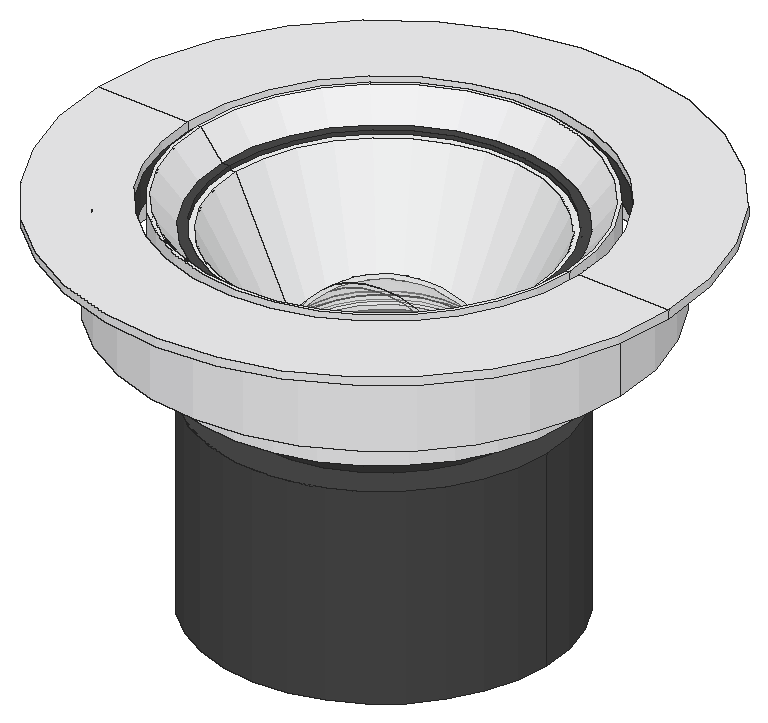
Revit family "2070039", category Lighting Fixtures, host Face, Revit 2018
Family settings
  Host = Face
  Round Connector Dimension = Use Diameter
  Part Type = Normal
  OmniClass Number = 23.80.70.11.17
  OmniClass Title = Specialized Lighting by Location or Use
  Cut with Voids When Loaded = No
  Light Source = No
  Shared = No
  Room Calculation Point = No
Parameters (values of type "2070039 EXPOSPOT 90 ADJ HE RA90 4000K MB WHITE")
  Weight = 0.77 kg  # constant formula
  Total Power Consumption = 27.9994 W
  Reflector Material = Aluminum_Sylvania_Expospot_Polished
  Radius = Diameter / 2  # 75.0 mm
  Product Code = "0060262"
  Photometric Web File = IES_Expospot_90_Adjustable : 0060271
  Photobiological Risk Group = "RG1"  # constant formula
  Nominal Frequency = "50/60Hz"  # constant formula
  Mounting Outer Radius = Head Radius + 3.0 mm  # 52.0 mm
  Max. Luminaires per 20A C Breaker = "45"  # constant formula
  Max. Luminaires per 20A B Breaker = "27"  # constant formula
  Max. Luminaires per 16A C Breaker = "35"  # constant formula
  Max. Luminaires per 16A B Breaker = "21"  # constant formula
  Max. Luminaires per 13A C Breaker = "28"  # constant formula
  Max. Luminaires per 13A B Breaker = "17"  # constant formula
  Max. Luminaires per 10A C Breaker = "21"  # constant formula
  Max. Luminaires per 10A B Breaker = "13"  # constant formula
  Light Loss Factor = 1  # constant formula
  Lamp Power Factor = 0.92
  LOR = "100%"  # constant formula
  Keynote = "n/a"
  Inrush Duration = "250µs"  # constant formula
  Inrush Current = 19.4 A  # constant formula
  Initial Intensity = 3126 lm
  Initial Color = 3000 K
  IP Rating = "IP20"  # constant formula
  IK Rating = "IK02"  # constant formula
  Height = 103.0 mm  # constant formula
  Voltage Comments = "220-240V~"  # constant formula
  Voltage = 240 V  # constant formula
  URL = "0.92"
  Product Page URL = "http://www.sylvania-lighting.com/product/en-int/products/0060262"
  Product Family = "EXPOSPOT 90 ADJUSTABLE"  # constant formula
  Head Radius = Radius - 26.0 mm  # 49.0 mm
  Head Diameter = Head Radius * 2  # 98.0 mm
  Head Angle [instance] = 0°
  Glow Wire Test = 850 °C  # constant formula
  Electrical Protection = "Class II"  # constant formula
  Drive Current = "700mA"  # constant formula
  Dimmable = "N"  # constant formula
  Diffuser Material = Acrylic_Sylvania_Expospot_3000K
  Diameter = 150.0 mm  # constant formula
  Cutout Diameter = Diameter - 10.0 mm  # 140.0 mm
  Created by URL = "http://all1studio.com/"
  Created by = "All 1 Studio Ltd. "  # constant formula
  Control Gear Type = "Electronic"  # constant formula
  Control Gear Required = "No"  # constant formula
  Control Gear Mounting = "Remote"  # constant formula
  Colour Variation Initial = "3SDCM"  # constant formula
  built-in parameter 1114216 [instance] = 1 (stored number, unit not read)
  Model = "EXPOSPOT 90 ADJUSTABLE HE RA90 4000K MB WHITE"
  Manufacturer = "Feilo Sylvania"  # constant formula
  Lamp = "LED"  # constant formula
  CRI = "80Ra"
  Body Material = Aluminum_Sylvania_Expospot_White
  Description = "Specifically designed for Retail and Display applications. I.e. Supermarkets Fashion Retail Department stores. Build around a 90mm reflector and lens combination."  # constant formula
  Default Elevation = 0.0 mm
  built-in parameter 1140040 [instance] = 1
  Beam Angle = 47°
  Average Life = "50 000h"  # constant formula
  Assembly Code = "D5020200"
  Apparent Load Comments = ""
  Apparent Load = 28 VA
  Body Secondary Material = Plastic_Sylvania_Expospot_Black
Reference planes
  plane 1 "Center (Front/Back)": y = 0
  plane 2: z = 0
  plane 3 "Center (Left/Right)": x = -7.423
  plane 4: z = 2
  plane 5: z = -22.5
  plane 6: x = -82.423
  plane 7: z = -5
Forms (mm)
  Revolve 1, solid, material "Aluminum_Sylvania_Expospot_White" <- "Body Material", detail levels fine
    sketch origin (0, 0, 0) x (1, 0, 0) y (0, 0, 1)
      loop
        line (-82.423, 2) -> (-82.423, 0) -> (-69.923, 0) -> (-69.923, -22.5) -> (-67.923, -22.5) -> (-67.923, 0) -> (-58.923, 0) -> (-58.923, 2) -> (-82.423, 2)
      axis (-7.423, 2) -> (-7.423, -22.5)
    angle from 0 to 360
  Revolve 2, solid, material "Plastic_Sylvania_Expospot_Black" <- "Body Secondary Material", detail levels fine
    sketch origin (0, 0, 0) x (1, 0, 0) y (0, 0, 1)
      loop
        line (-67.923, 0) -> (-67.923, -1.5) -> (-60.923, -1.5) -> (-60.923, -8.5) -> (-59.423, -8.5) -> (-59.423, 0) -> (-67.923, 0)
      axis (-7.423, 0) -> (-7.423, -8.5)
    angle from 0 to 360
  Extrusion 3, void
    sketch origin (0, 0, 0) x (1, 0, 0) y (0, 1, 0)
      loop
        circle (-7.423, 0) r 70
    from -116.997 to 69.443
  Extrusion 4, solid, material "Aluminum_Sylvania_Expospot_White" <- "Body Material", detail levels fine
    sketch origin (-7.423, 0, 0) x (0, 1, 0) y (0, 0, 1)
      loop
        circle (0, -5) r 3.5
    from 49 <- "Head Radius" to 52 <- "Mounting Outer Radius"
  Extrusion 5, solid, material "Aluminum_Sylvania_Expospot_White" <- "Body Material", detail levels fine
    sketch origin (-7.423, 0, 0) x (0, 1, 0) y (0, 0, -1)
      loop
        circle (0, 5) r 3.5
    from 49 <- "Head Radius" to 52 <- "Mounting Outer Radius"
  Revolve 6, solid, material "Aluminum_Sylvania_Expospot_White" <- "Body Material", detail levels coarse+medium
    sketch origin (0, 0, 0) x (1, 0, 0) y (0, 0, 1)
      loop
        line (-82.423, 2) -> (-82.423, 0) -> (-69.923, 0) -> (-69.923, -22.5) -> (-67.923, -22.5) -> (-67.923, -8.5) -> (-58.923, -8.5) -> (-58.923, 2) -> (-82.423, 2)
      axis (-7.423, 2) -> (-7.423, -22.5)
    angle from 0 to 360
Lines and regions (mm)
  Masking region 1
    outline origin (0, 0, 0) x (1, 0, 0) y (0, 1, 0)
      loop
        circle (-7.423, 0) r 75
  reference lines
    curve 1: line (-7.423, 0, -5) -> (-7.423, 0, -60)
  symbolic lines, detail levels fine
    curve 2: arc (-58.923, 0, 0) -> (-7.423, 51.5, 0) -> (44.077, 0, 0) r 51.5
    curve 3: arc (44.077, 0, 0) -> (-7.423, -51.5, 0) -> (-58.923, 0, 0) r 51.5
Dimensions and locks
  plane 4 to plane 2 to plane 7 to plane 5 = 2.0 mm locked, 5.0 mm locked, 17.5 mm locked
  "Radius": plane 6 to plane 3 "Center (Left/Right)"
  "Cutout Diameter": diameter of Extrusion 3 sketch curve
  "Head Angle": angle plane 1 "Center (Front/Back)" to curve 1
  aligned and locked: host face to plane 2
  aligned and locked: host face to level
  aligned and locked: plane 6 to Revolve 1 sketch curve
  aligned and locked: Revolve 1 sketch curve to plane 3 "Center (Left/Right)"
  aligned and locked: plane 1 "Center (Front/Back)" to curve 1
  aligned and locked: plane 7 to curve 1
  aligned and locked: plane 6 to Revolve 6 sketch curve
Automatic sketch dimensions
  host sketch curve to host sketch curve = 1412.252 mm
  host sketch curve to host sketch curve = 1359.6 mm
  Revolve 1 sketch curve to level = 0.0 mm  (x2)
  Revolve 1 sketch curve to plane 5 = 0.0 mm
  Revolve 1 sketch curve to plane 4 = 0.0 mm
  Revolve 1 sketch curve to Revolve 1 sketch curve = 12.5 mm
  Revolve 1 sketch curve to Revolve 1 sketch curve = 2.0 mm
  Revolve 1 sketch curve to Revolve 1 sketch curve = 9.0 mm
  Revolve 1 sketch curve to plane 5 = 349.774 mm
  plane 4 to Revolve 1 sketch curve = 1145.706 mm
  Revolve 2 sketch curve to level = 0.0 mm
  Revolve 2 sketch curve to plane 3 "Center (Left/Right)" = 0.0 mm
  Revolve 2 sketch curve to plane 6 = 23.0 mm
  Revolve 2 sketch curve to Revolve 2 sketch curve = 1.5 mm
  Revolve 2 sketch curve to level = 1.5 mm
  Revolve 2 sketch curve to Revolve 2 sketch curve = 7.0 mm
  Revolve 2 sketch curve to plane 7 = 3.5 mm
  Revolve 2 sketch curve to plane 5 = 349.774 mm
  plane 4 to Revolve 2 sketch curve = 1145.706 mm
  plane 1 "Center (Front/Back)" to Extrusion 3 sketch curve = 0.0 mm
  Extrusion 3 sketch curve to plane 3 "Center (Left/Right)" = 0.0 mm
  Extrusion 4 sketch curve to plane 1 "Center (Front/Back)" = 0.0 mm
  Extrusion 4 sketch curve to plane 7 = 0.0 mm
  Extrusion 5 sketch curve to plane 1 "Center (Front/Back)" = 0.0 mm
  Extrusion 5 sketch curve to plane 7 = 0.0 mm
  Revolve 6 sketch curve to level = 0.0 mm
  Revolve 6 sketch curve to plane 5 = 0.0 mm
  Revolve 6 sketch curve to plane 4 = 0.0 mm
  Revolve 6 sketch curve to plane 3 "Center (Left/Right)" = 0.0 mm
  Revolve 6 sketch curve to plane 6 = 12.5 mm
  Revolve 6 sketch curve to plane 7 = 3.5 mm
  Revolve 6 sketch curve to Revolve 6 sketch curve = 9.0 mm
  Revolve 6 sketch curve to plane 5 = 349.774 mm
  plane 4 to Revolve 6 sketch curve = 1145.706 mm
  Revolve 6 sketch curve to Revolve 6 sketch curve = 2.0 mm
  Masking region 1 sketch curve to Masking region 1 sketch curve = 0.0 mm  (x2)
  plane 1 "Center (Front/Back)" to Masking region 1 sketch curve = 0.0 mm
  Masking region 1 sketch curve to plane 6 = 0.0 mm
  Masking region 1 sketch curve to plane 3 "Center (Left/Right)" = 0.0 mm
  curve 2 to curve 3 = 0.0 mm  (x2)
  plane 1 "Center (Front/Back)" to curve 2 = 0.0 mm
  curve 3 to plane 3 "Center (Left/Right)" = 0.0 mm
  curve 3 to plane 6 = 23.5 mm
  radius of Extrusion 4 sketch curve = 3.5 mm
  radius of Extrusion 5 sketch curve = 3.5 mm
Nested families
  nested 1: "Head_Expospot 90" at (-7.423, 0, 2), type "Head_Expospot 90"
  nested 2: "IES_Expospot_90_Adjustable" at (-7.423, 0, 2), type <- "Photometric Web File", type "0060271"
Connectors
  electrical at (-7.423, 0, -101), driven by "Voltage", driven by "Apparent Load", driven by "Lamp Power Factor"
    settings: on nested 1, index 1, voltage 240 V, apparent load 0 VA, apparent load phase1 28 VA, apparent load phase2 0 VA, apparent load phase3 0 VA, power factor 0.92, load classification "Lighting", number of poles 1, system type 31, power factor state 1, is connector primary yes, connector utility no, sub classification motor no, connector description ""
Definition of nested family "Head_Expospot 90"
  Parameters (values of type "Head_Expospot 90")
    Reflector Material = none
    Radius = 49.0 mm
    Height = 103.0 mm
    Diffuser Material = none
    Default Elevation = 0.0 mm
    Cooling Radius = Radius - 6.0 mm  # 43.0 mm
    Body Secondary Material = none
    Body Material = none
  Reference planes
    plane 1 "Center (Front/Back)": y = 0
    plane 2: z = 0
    plane 3 "Center (Left/Right)": x = 0
    plane 4: z = -35.5
    plane 5: z = -6.5
    plane 6 "Fixture Radius": x = -49
    plane 7: z = -45
    plane 8: z = -95
    plane 9: z = -103
    plane 10 "Diffuser Radius": x = -24.5
    plane 11: z = -36.5
  Forms (mm)
    Revolve 1, solid, material <- "Body Material", detail levels fine
      sketch origin (0, 0, 0) x (1, 0, 0) y (0, 0, 1)
        loop
          line (-49, 0) -> (-49, -35.5) -> (-47, -35.5) -> (-47, -4.542) -> (-45.357, -6.5) -> (-42.746, -6.5) -> (-48.2, 0) -> (-49, 0)
        axis (0, 0) -> (0, -35.5)
      angle from 0 to 360
    Revolve 2, solid, material <- "Reflector Material", detail levels fine
      sketch origin (0, 0, 0) x (1, 0, 0) y (0, 0, 1)
        loop
          line (-41, -7.5) -> (-41, -8.5) -> (-39.623, -8.5) -> (-25.123, -37.5) -> (-20.5, -37.5) -> (-20.5, -36.5) -> (-24.5, -36.5) -> (-39, -7.5) -> (-41, -7.5)
        axis (0, -7.5) -> (0, -37.5)
      angle from 0 to 360
    Revolve 3, solid, material <- "Body Secondary Material", detail levels fine
      sketch origin (0, 0, 0) x (1, 0, 0) y (0, 0, 1)
        loop
          line (-47, -6.5) -> (-47, -35.5) -> (-42.5, -35.5) -> (-35.078, -45) -> (0, -45) -> (0, -37.5) -> (-24.5, -37.5) -> (-24.5, -44) -> (-34.59, -44) -> (-42.012, -34.5) -> (-46, -34.5) -> (-46, -7.5) -> (-40.5, -7.5) -> (-40.5, -6.5) -> (-47, -6.5)
        axis (0, -6.5) -> (0, -45)
      angle from 0 to 360
    Revolve 4, solid, material <- "Body Secondary Material", detail levels fine
      sketch origin (0, 0, 0) x (1, 0, 0) y (0, 0, 1)
        loop
          line (-30, -95) -> (-30, -97) -> (-28, -103) -> (0, -103) -> (0, -95) -> (-30, -95)
        axis (0, -95) -> (0, -103)
      angle from 0 to 360
    Extrusion 5, solid, material <- "Body Secondary Material", detail levels fine
      sketch origin (0, 0, 0) x (1, 0, 0) y (0, 1, 0)
        loop
          circle (0, 0) r 43
      from -95 to -45
    Extrusion 6, solid, material <- "Body Material", detail levels coarse+medium
      sketch origin (0, 0, 0) x (1, 0, 0) y (0, 1, 0)
        loop
          circle (0, 0) r 49
      from -103 to 0
    Revolve 7, solid, material <- "Diffuser Material", detail levels fine
      sketch origin (0, 0, 0) x (1, 0, 0) y (0, 0, 1)
        loop
          line (-22.5, -34.5) -> (-22.5, -36.5) -> (-21.5, -36.5) -> (-21.5, -34.77)
          arc (-21.5, -34.77) -> (-12.378, -25.783) -> (0, -22.5) r 24.971
          line (0, -22.5) -> (0, -21.5)
          arc (0, -21.5) -> (-12.993, -24.984) -> (-22.5, -34.5) r 25.971
        axis (0, -21.5) -> (0, -36.5)
      angle from 0 to 360
  Dimensions and locks
    "Radius": plane 3 "Center (Left/Right)" to plane 6 "Fixture Radius"
    locked: Revolve 4 sketch curve to plane 6 "Fixture Radius" at 19
    locked: plane 10 "Diffuser Radius" to plane 6 "Fixture Radius" at 24.5
    Revolve 7 sketch curve to Revolve 7 sketch curve to plane 11 = 1.0 mm locked, 14.0 mm locked
    plane 10 "Diffuser Radius" to Revolve 7 sketch curve to Revolve 7 sketch curve = 2.0 mm locked, 1.0 mm locked
    "Height": plane 2 to plane 9
    locked: plane 8 to plane 9 at 8
    plane 2 to plane 5 to plane 4 to plane 11 to plane 7 = 6.5 mm locked, 29.0 mm locked, 1.0 mm locked, 8.5 mm locked
    "Radius": radius of Extrusion 6 sketch curve
    "Cooling Radius": radius of Extrusion 5 sketch curve
    aligned and locked: level to plane 2
    aligned and locked: Revolve 1 sketch curve to plane 6 "Fixture Radius"
    aligned and locked: Extrusion 5 to plane 8
    aligned and locked: plane 7 to Extrusion 5
    aligned and locked: Extrusion 6 to plane 9
    aligned and locked: plane 2 to Extrusion 6
    aligned and locked: Revolve 1 sketch curve to plane 4
  Automatic sketch dimensions
    Revolve 4 sketch curve to plane 8 = 0.0 mm
    Revolve 4 sketch curve to plane 9 = 0.0 mm
    Revolve 4 sketch curve to plane 3 "Center (Left/Right)" = 0.0 mm  (x2)
    Revolve 4 sketch curve to plane 8 = 2.0 mm
    Revolve 4 sketch curve to Revolve 4 sketch curve = 2.0 mm
    Revolve 4 sketch curve to plane 9 = 265.545 mm
    level to Revolve 4 sketch curve = 2214.315 mm
    Revolve 1 sketch curve to level = 0.0 mm
    Revolve 1 sketch curve to plane 3 "Center (Left/Right)" = 0.0 mm
    Revolve 1 sketch curve to Revolve 1 sketch curve = 0.8 mm
    Revolve 1 sketch curve to Revolve 1 sketch curve = 2.0 mm
    plane 5 to Revolve 1 sketch curve = 1.958 mm
    Revolve 1 sketch curve to plane 5 = 0.0 mm
    Revolve 1 sketch curve to Revolve 1 sketch curve = 1.643 mm
    Revolve 1 sketch curve to Revolve 1 sketch curve = 2.611 mm
    Revolve 1 sketch curve to plane 9 = 288.545 mm
    level to Revolve 1 sketch curve = 2214.315 mm
    plane 10 "Diffuser Radius" to Revolve 2 sketch curve = 0.0 mm
    Revolve 2 sketch curve to plane 3 "Center (Left/Right)" = 0.0 mm
    Revolve 2 sketch curve to plane 11 = 0.0 mm
    Revolve 2 sketch curve to plane 5 = 1.0 mm
    plane 6 "Fixture Radius" to Revolve 2 sketch curve = 10.0 mm
    Revolve 2 sketch curve to Revolve 2 sketch curve = 2.0 mm
    Revolve 2 sketch curve to plane 10 "Diffuser Radius" = 4.0 mm
    Revolve 2 sketch curve to Revolve 2 sketch curve = 383.045 mm
    Revolve 2 sketch curve to Revolve 2 sketch curve = 2221.815 mm
    plane 10 "Diffuser Radius" to Revolve 2 sketch curve = 0.623 mm
    Revolve 2 sketch curve to Revolve 2 sketch curve = 0.623 mm
    Revolve 2 sketch curve to Revolve 2 sketch curve = 1.0 mm
    Revolve 2 sketch curve to plane 11 = 1.0 mm
    Revolve 3 sketch curve to plane 5 = 0.0 mm
    Revolve 3 sketch curve to plane 4 = 0.0 mm
    Revolve 3 sketch curve to plane 7 = 0.0 mm
    plane 10 "Diffuser Radius" to Revolve 3 sketch curve = 0.0 mm
    Revolve 3 sketch curve to plane 3 "Center (Left/Right)" = 0.0 mm  (x2)
    plane 7 to Revolve 3 sketch curve = 1.0 mm
    plane 10 "Diffuser Radius" to Revolve 3 sketch curve = 10.09 mm
    Revolve 3 sketch curve to Revolve 3 sketch curve = 0.488 mm  (x2)
    Revolve 3 sketch curve to plane 5 = 1.0 mm
    plane 6 "Fixture Radius" to Revolve 3 sketch curve = 8.5 mm
    plane 4 to Revolve 3 sketch curve = 1.0 mm
    plane 6 "Fixture Radius" to Revolve 3 sketch curve = 6.988 mm
    plane 6 "Fixture Radius" to Revolve 3 sketch curve = 3.0 mm
    Revolve 3 sketch curve to Revolve 3 sketch curve = 1.0 mm
    Revolve 3 sketch curve to plane 9 = 265.545 mm
    level to Revolve 3 sketch curve = 2214.315 mm
    Revolve 3 sketch curve to plane 11 = 1.0 mm
    Revolve 7 sketch curve to Revolve 7 sketch curve = 0.0 mm
    Revolve 7 sketch curve to plane 11 = 0.0 mm
    Revolve 7 sketch curve to plane 3 "Center (Left/Right)" = 0.0 mm  (x2)
    plane 4 to Revolve 7 sketch curve = 0.73 mm
    Revolve 7 sketch curve to plane 9 = 278.0 mm
    level to Revolve 7 sketch curve = 156.383 mm
    plane 1 "Center (Front/Back)" to Extrusion 5 sketch curve = 0.0 mm
    Extrusion 5 sketch curve to plane 3 "Center (Left/Right)" = 0.0 mm
    plane 1 "Center (Front/Back)" to Extrusion 6 sketch curve = 0.0 mm
    Extrusion 6 sketch curve to plane 3 "Center (Left/Right)" = 0.0 mm
Definition of nested family "IES_Expospot_90_Adjustable"
  Parameters (values of type "0060286")
    Wattage = 34.9993 W
    built-in parameter 1150110 = 1 (stored number, unit not read)
    Total Power Consumption = 34.9993 W
    built-in parameter 1114217 = 1 (stored number, unit not read)
    Tilt Angle = -90°
    built-in parameter 1150109 = 1 (stored number, unit not read)
    built-in parameter 1150134 = (empty or 0)
    built-in parameter 1150113 = 1 (stored number, unit not read)
    Photometric Web File = "0060286.ies"
    built-in parameter 1150105 = 296.11 (stored number, unit not read)
    Lumens = 3721 lm
    built-in parameter 1150115 = 1 (stored number, unit not read)
    built-in parameter 1150137 = (empty or 0)
    built-in parameter 1150139 = (empty or 0)
    built-in parameter 1150112 = 1 (stored number, unit not read)
    built-in parameter 1150114 = 1 (stored number, unit not read)
    built-in parameter 1150132 = 2
    built-in parameter 1150102 = 3721
    built-in parameter 1150107 = 3000 (stored number, unit not read)
    built-in parameter 1150138 = 3000
    built-in parameter 1150106 = 2.9611 (stored number, unit not read)
    Emit from Circle Diameter = 98.0 mm
    Emit Shape Visible in Rendering = no
    built-in parameter 1150104 = 9.8771 (stored number, unit not read)
    Dimming Lamp Color Temperature Shift = (empty or 0)
    Default Elevation = 0.0 mm
    Color Filter = 16777215
    built-in parameter 1114218 = 1 (stored number, unit not read)
    built-in parameter 1150133 = 10 (stored number, unit not read)
    Apparent Load = 34.9993 VA
  Types (24, lengths in mm): name | Wattage | Total Power Consumption | built-in parameter 1150134 | Photometric Web File | built-in parameter 1150105 | Lumens | built-in parameter 1150102 | built-in parameter 1150107 | built-in parameter 1150138 | built-in parameter 1150106 | built-in parameter 1150104 | Apparent Load
    0060296 | 34.9993 W | 34.9993 W | 12 | "0060296.ies" | 276.85 (stored number, unit not read) | 3479 lm | 3479 | 4000 (stored number, unit not read) | 4000 | 2.7685 (stored number, unit not read) | 9.2348 (stored number, unit not read) | 34.9993 VA
    0060295 | 34.9993 W | 34.9993 W | 12 | "0060295.ies" | 275.18 (stored number, unit not read) | 3458 lm | 3458 | 4000 (stored number, unit not read) | 4000 | 2.7518 (stored number, unit not read) | 9.179 (stored number, unit not read) | 34.9993 VA
    0060294 | 34.9993 W | 34.9993 W | 12 | "0060294.ies" | 284.09 (stored number, unit not read) | 3570 lm | 3570 | 4000 (stored number, unit not read) | 4000 | 2.8409 (stored number, unit not read) | 9.4763 (stored number, unit not read) | 34.9993 VA
    0060293 | 34.9993 W | 34.9993 W | (empty or 0) | "0060293.ies" | 262.05 (stored number, unit not read) | 3293 lm | 3293 | 3000 (stored number, unit not read) | 3000 | 2.6205 (stored number, unit not read) | 8.741 (stored number, unit not read) | 34.9993 VA
    0060292 | 34.9993 W | 34.9993 W | (empty or 0) | "0060292.ies" | 253.06 (stored number, unit not read) | 3180 lm | 3180 | 3000 (stored number, unit not read) | 3000 | 2.5306 (stored number, unit not read) | 8.4411 (stored number, unit not read) | 34.9993 VA
    0060291 | 34.9993 W | 34.9993 W | (empty or 0) | "0060291.ies" | 268.1 (stored number, unit not read) | 3369 lm | 3369 | 3000 (stored number, unit not read) | 3000 | 2.681 (stored number, unit not read) | 8.9428 (stored number, unit not read) | 34.9993 VA
    0060290 | 34.9993 W | 34.9993 W | 12 | "0060290.ies" | 313.69 (stored number, unit not read) | 3942 lm | 3942 | 4000 (stored number, unit not read) | 4000 | 3.1369 (stored number, unit not read) | 10.464 (stored number, unit not read) | 34.9993 VA
    0060289 | 34.9993 W | 34.9993 W | 12 | "0060289.ies" | 306.53 (stored number, unit not read) | 3852 lm | 3852 | 4000 (stored number, unit not read) | 4000 | 3.0653 (stored number, unit not read) | 10.225 (stored number, unit not read) | 34.9993 VA
    0060288 | 34.9993 W | 34.9993 W | 12 | "0060288.ies" | 327.94 (stored number, unit not read) | 4121 lm | 4121 | 4000 (stored number, unit not read) | 4000 | 3.2794 (stored number, unit not read) | 10.939 (stored number, unit not read) | 34.9993 VA
    0060287 | 34.9993 W | 34.9993 W | (empty or 0) | "0060287.ies" | 297.3 (stored number, unit not read) | 3736 lm | 3736 | 3000 (stored number, unit not read) | 3000 | 2.973 (stored number, unit not read) | 9.9169 (stored number, unit not read) | 34.9993 VA
    0060286 | 34.9993 W | 34.9993 W | (empty or 0) | "0060286.ies" | 296.11 (stored number, unit not read) | 3721 lm | 3721 | 3000 (stored number, unit not read) | 3000 | 2.9611 (stored number, unit not read) | 9.8771 (stored number, unit not read) | 34.9993 VA
    0060272 | 27.9994 W | 27.9994 W | 12 | "0060272.ies" | 227.19 (stored number, unit not read) | 2855 lm | 2855 | 4000 (stored number, unit not read) | 4000 | 2.2719 (stored number, unit not read) | 9.473 (stored number, unit not read) | 27.9994 VA
    0060271 | 27.9994 W | 27.9994 W | 12 | "0060271.ies" | 225.68 (stored number, unit not read) | 2836 lm | 2836 | 4000 (stored number, unit not read) | 4000 | 2.2568 (stored number, unit not read) | 9.4099 (stored number, unit not read) | 27.9994 VA
    0060270 | 27.9994 W | 27.9994 W | 12 | "0060270.ies" | 221.94 (stored number, unit not read) | 2789 lm | 2789 | 4000 (stored number, unit not read) | 4000 | 2.2194 (stored number, unit not read) | 9.254 (stored number, unit not read) | 27.9994 VA
    0060269 | 27.9994 W | 27.9994 W | (empty or 0) | "0060269.ies" | 206.03 (stored number, unit not read) | 2589 lm | 2589 | 3000 (stored number, unit not read) | 3000 | 2.0603 (stored number, unit not read) | 8.5904 (stored number, unit not read) | 27.9994 VA
    0060268 | 27.9994 W | 27.9994 W | (empty or 0) | "0060268.ies" | 204.75 (stored number, unit not read) | 2573 lm | 2573 | 3000 (stored number, unit not read) | 3000 | 2.0475 (stored number, unit not read) | 8.5373 (stored number, unit not read) | 27.9994 VA
    0060267 | 27.9994 W | 27.9994 W | (empty or 0) | "0060267.ies" | 201.81 (stored number, unit not read) | 2536 lm | 2536 | 3000 (stored number, unit not read) | 3000 | 2.0181 (stored number, unit not read) | 8.4145 (stored number, unit not read) | 27.9994 VA
    0060266 | 27.9994 W | 27.9994 W | 12 | "0060266.ies" | 256.96 (stored number, unit not read) | 3229 lm | 3229 | 4000 (stored number, unit not read) | 4000 | 2.5696 (stored number, unit not read) | 10.714 (stored number, unit not read) | 27.9994 VA
    0060265 | 27.9994 W | 27.9994 W | 12 | "0060265.ies" | 257.19 (stored number, unit not read) | 3232 lm | 3232 | 4000 (stored number, unit not read) | 4000 | 2.5719 (stored number, unit not read) | 10.724 (stored number, unit not read) | 27.9994 VA
    0060264 | 27.9994 W | 27.9994 W | 12 | "0060264.ies" | 250.27 (stored number, unit not read) | 3145 lm | 3145 | 4000 (stored number, unit not read) | 4000 | 2.5027 (stored number, unit not read) | 10.435 (stored number, unit not read) | 27.9994 VA
    0060263 | 27.9994 W | 27.9994 W | (empty or 0) | "0060263.ies" | 252.58 (stored number, unit not read) | 3174 lm | 3174 | 3000 (stored number, unit not read) | 3000 | 2.5258 (stored number, unit not read) | 10.531 (stored number, unit not read) | 27.9994 VA
    0060262 | 27.9994 W | 27.9994 W | (empty or 0) | "0060262.ies" | 248.76 (stored number, unit not read) | 3126 lm | 3126 | 3000 (stored number, unit not read) | 3000 | 2.4876 (stored number, unit not read) | 10.372 (stored number, unit not read) | 27.9994 VA
    0060261 | 27.9993 W | 28 W | (empty or 0) | "0060261.ies" | 3140.4 (stored number, unit not read) | 3174 lm | 3479 | 3000 (stored number, unit not read) | 4000 | 31.404 (stored number, unit not read) | 10.531 (stored number, unit not read) | 28 VA
    0060285 | 35.0009 W | 34.9993 W | (empty or 0) | "0060285.ies" | 4452.3 (stored number, unit not read) | 3946 lm | 3721 | 3000 (stored number, unit not read) | 3000 | 44.523 (stored number, unit not read) | 10.474 (stored number, unit not read) | 34.9993 VA
  Reference planes
    plane 1 "Center (Front/Back)": y = 0
    plane 2: z = 0
    plane 3 "Center (Left/Right)": x = 0
  Dimensions and locks
    aligned and locked: level to plane 2
    aligned and locked: plane 3 "Center (Left/Right)" to imposter light
    aligned and locked: plane 1 "Center (Front/Back)" to imposter light
    aligned and locked: level to imposter light
